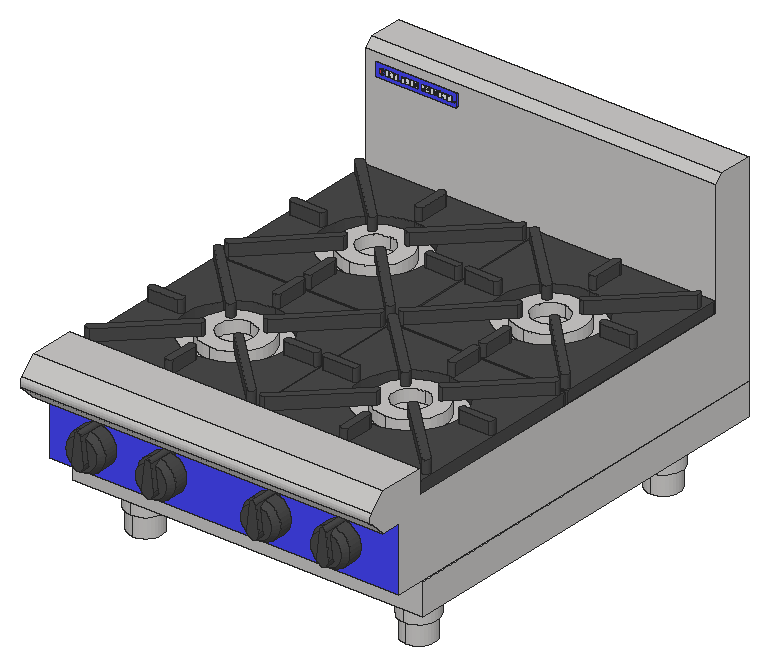
Revit family "QF_MOFFAT_BLUESEAL_CE_G514D-B", category Specialty Equipment, Revit 2012
Parameters
  Width = 600 mm  # constant formula
  Weight in Pounds = 176  # constant formula
  URL Cutsheet = "www.moffat.com"
  URL = "www.moffat.com"
  Type Mark [instance] = ""
  Status [instance] = ""
  Specification by User [instance] = ""
  Specification by Manufacturer = ""
  Show Logo [instance] = yes
  Serial Number = ""
  Seismic Rating = ""
  SMACNA No = ""
  Revision Code [instance] = ""
  Omniclass Number and Title = ""
  NAFEM Spec ID Number = ""
  Model = "G514D-B"
  Mechanical Remarks [instance] = ""
  Mechanical Connection Type [instance] = ""
  Masterspec = ""
  Manufacturer = "MOFFAT BLUESEAL"
  Item Number [instance] = ""
  Installed By [instance] = ""
  Identify Quantity as Lot [instance] = yes
  Height = 485 mm  # constant formula
  Gas Size = 3/4"
  Gas RI Height [instance] = 0 mm
  Gas KW [instance] = 28
  Gas Input [instance] = 96400.0 Btu/h
  Gas Connection Height = 0 mm
  Furnished By [instance] = ""
  Foodservice Equipment Identifier [instance] = yes
  Description = "600MM GAS COOK TOP BENCH MOUNT"
  Depth = 812 mm  # constant formula
  CSI MasterFormat = ""
  CSI Master Format = ""
Reference planes
  plane 1 "BACK": y = 0
  plane 2: z = 0
  plane 3 "LEFT": x = 0
  plane 4 "RIGHT": x = 600
  plane 5 "FRONT": y = -812
  plane 6 "TOP": z = 370
  plane 7 "Center Y": x = 300
  plane 8 "Center X": y = -406
  plane 9: z = 485
  plane 10: z = 315
  plane 11: x = 210
  plane 12: x = 390
Forms (mm)
  Revolve 1, solid, material "QF_Finishes_Stainless Steel"
    sketch origin (534.5, -728, 0) x (0, 1, 0) y (0, 0, -1)
      loop
        line (71.25, -85) -> (103, -85) -> (103, 0) -> (75.5, 0) -> (75.5, -35) -> (71.25, -35) -> (71.25, -85)
      axis (103, -85) -> (103, 0)
    angle from 0 to 360
  Revolve 2, solid, material "QF_Finishes_Stainless Steel"
    sketch origin (534.5, -210, 0) x (0, 1, 0) y (0, 0, -1)
      loop
        line (78.25, -85) -> (110, -85) -> (110, 0) -> (82.5, 0) -> (82.5, -35) -> (78.25, -35) -> (78.25, -85)
      axis (110, -85) -> (110, 0)
    angle from 0 to 360
  Revolve 3, solid, material "QF_Finishes_Stainless Steel"
    sketch origin (65.5, -728, 0) x (0, 1, 0) y (0, 0, 1)
      loop
        line (71.25, 85) -> (71.25, 35) -> (75.5, 35) -> (75.5, 0) -> (103, 0) -> (103, 85) -> (71.25, 85)
      axis (103, 85) -> (103, 0)
    angle from 0 to 360
  Revolve 4, solid, material "QF_Finishes_Stainless Steel"
    sketch origin (65.5, -210, 0) x (0, 1, 0) y (0, 0, 1)
      loop
        line (78.25, 85) -> (78.25, 35) -> (82.5, 35) -> (82.5, 0) -> (110, 0) -> (110, 85) -> (78.25, 85)
      axis (110, 85) -> (110, 0)
    angle from 0 to 360
  Revolve 5, solid, material "QF_Finishes_Black"
    sketch origin (210, 7, 0) x (0, -1, 0) y (0, 0, 1)
      loop
        line (789, 229.605) -> (766, 229.605) -> (766, 202.105) -> (756, 202.105) -> (756, 197.105) -> (800, 197.105) -> (800, 223.757) -> (789, 229.605)
      axis (800, 197.105) -> (756, 197.105)
    angle from 0 to 360
  Extrusion 6, solid, material "QF_Finishes_Stainless Steel"
    sketch origin (405, 3, -500) x (1, 0, 0) y (0, 1, 0)
      loop
        circle (65, -35) r 13.5
    from 555 to 585
  Revolve 7, solid, material "QF_Finishes_Black"
    sketch origin (89.999, 7, -0.127) x (0, 1, 0) y (0, 0, -1)
      loop
        line (-789, -229.5) -> (-766, -229.5) -> (-766, -202) -> (-756, -202) -> (-756, -197) -> (-800, -197) -> (-800, -223.651) -> (-789, -229.5)
      axis (-800, -197) -> (-756, -197)
    angle from 0 to 360
  Extrusion 8, solid, material "QF_Finishes_Black"
    sketch origin (228.269, 7, 0.031) x (-1, 0, 0) y (0, 0, -1)
      loop
        line (127.85, -186.163) -> (133.27, -229.082)
        arc (133.27, -229.082) -> (138.269, -233.969) -> (143.267, -229.082) r 5
        line (143.267, -229.082) -> (148.756, -184.996)
        arc (148.756, -184.996) -> (137.684, -174.498) -> (127.85, -186.163) r 10.487
    from 759 to 808
  Extrusion 9, solid, material "QF_Finishes_Stainless Steel"
    sketch origin (0, 0, 0) x (0, 1, 0) y (0, 0, 1)
      loop
        line (-784.97, 250) -> (-749, 250) -> (-749, 140) -> (0, 140) -> (0, 485) -> (-57.5, 485) -> (-70, 472.5) -> (-70, 275) -> (-705, 275) -> (-705, 315) -> (-783.97, 315) -> (-808.498, 290.472)
        arc (-808.498, 290.472) -> (-812.007, 282) -> (-808.498, 273.528) r 11.982
        line (-808.498, 273.528) -> (-784.97, 250)
      loop
        line (0, 85) -> (0, 139.206) -> (-699, 139.206) -> (-699, 85) -> (0, 85)
    from 0 to 600
  Revolve 10, solid, material "QF_Finishes_Black"
    sketch origin (510.001, 7, 0) x (0, -1, 0) y (0, 0, 1)
      loop
        line (789, 229.605) -> (766, 229.605) -> (766, 202.105) -> (756, 202.105) -> (756, 197.105) -> (800, 197.105) -> (800, 223.757) -> (789, 229.605)
      axis (800, 197.105) -> (756, 197.105)
    angle from 0 to 360
  Revolve 11, solid, material "QF_Finishes_Black"
    sketch origin (390, 7, -0.127) x (0, 1, 0) y (0, 0, -1)
      loop
        line (-789, -229.5) -> (-766, -229.5) -> (-766, -202) -> (-756, -202) -> (-756, -197) -> (-800, -197) -> (-800, -223.651) -> (-789, -229.5)
      axis (-800, -197) -> (-756, -197)
    angle from 0 to 360
  Extrusion 12, solid, material "QF_Finishes_Black"
    sketch origin (348.27, 7, 0.263) x (-1, 0, 0) y (0, 0, -1)
      loop
        line (127.85, -186.163) -> (133.27, -229.082)
        arc (133.27, -229.082) -> (138.269, -233.969) -> (143.267, -229.082) r 5
        line (143.267, -229.082) -> (148.756, -184.996)
        arc (148.756, -184.996) -> (137.684, -174.498) -> (127.85, -186.163) r 10.487
    from 759 to 808
  Extrusion 13, solid, material "QF_Finishes_Black"
    sketch origin (528.269, 7, 0.031) x (-1, 0, 0) y (0, 0, -1)
      loop
        line (127.85, -186.163) -> (133.27, -229.082)
        arc (133.27, -229.082) -> (138.269, -233.969) -> (143.267, -229.082) r 5
        line (143.267, -229.082) -> (148.756, -184.996)
        arc (148.756, -184.996) -> (137.684, -174.498) -> (127.85, -186.163) r 10.487
    from 759 to 808
  Extrusion 14, solid, material "QF_Finishes_Black"
    sketch origin (648.27, 7, 0.263) x (-1, 0, 0) y (0, 0, -1)
      loop
        line (127.85, -186.163) -> (133.27, -229.082)
        arc (133.27, -229.082) -> (138.269, -233.969) -> (143.267, -229.082) r 5
        line (143.267, -229.082) -> (148.756, -184.996)
        arc (148.756, -184.996) -> (137.684, -174.498) -> (127.85, -186.163) r 10.487
    from 759 to 808
Lines and regions (mm)
  Split face 1
    outline origin (0, 0, 485) x (0, -1, 0) y (1, 0, 0)
      loop
        arc (18.185, 336.013) -> (23.185, 327.353) -> (33.185, 327.353) r 10
        line (33.185, 327.353) -> (40.185, 331.394)
        arc (40.185, 331.394) -> (43.845, 335.055) -> (45.185, 340.055) r 10
        line (45.185, 340.055) -> (45.185, 568.013)
        arc (45.185, 568.013) -> (40.185, 576.674) -> (30.185, 576.674) r 10
        line (30.185, 576.674) -> (23.185, 572.632)
        arc (23.185, 572.632) -> (19.525, 568.972) -> (18.185, 563.972) r 10
        line (18.185, 563.972) -> (18.185, 336.013)
  Split face 2
    outline origin (-300, 0, 485) x (0, -1, 0) y (1, 0, 0)
      loop
        arc (18.185, 336.013) -> (23.185, 327.353) -> (33.185, 327.353) r 10
        line (33.185, 327.353) -> (40.185, 331.394)
        arc (40.185, 331.394) -> (43.845, 335.055) -> (45.185, 340.055) r 10
        line (45.185, 340.055) -> (45.185, 568.013)
        arc (45.185, 568.013) -> (40.185, 576.674) -> (30.185, 576.674) r 10
        line (30.185, 576.674) -> (23.185, 572.632)
        arc (23.185, 572.632) -> (19.525, 568.972) -> (18.185, 563.972) r 10
        line (18.185, 563.972) -> (18.185, 336.013)
  symbolic lines
    curve 1: line (0, 0, 0) -> (0, -812, 0)
    curve 2: line (600, 0, 0) -> (0, 0, 0)
    curve 3: line (600, -812, 0) -> (600, 0, 0)
    curve 4: line (0, -70, 0) -> (600, -70, 0)
    curve 5: line (0, -812, 0) -> (600, -812, 0)
    curve 6: line (600, -705, 0) -> (0, -705, 0)
    curve 7: line (36.013, -18.185, 0) -> (263.972, -18.185, 0)
    curve 8: arc (263.972, -18.185, 0) -> (268.972, -19.525, 0) -> (272.632, -23.185, 0) r 10
    curve 9: line (272.632, -23.185, 0) -> (276.674, -30.185, 0)
    curve 10: arc (276.674, -30.185, 0) -> (276.674, -40.185, 0) -> (268.013, -45.185, 0) r 10
    curve 11: line (268.013, -45.185, 0) -> (40.055, -45.185, 0)
    curve 12: arc (40.055, -45.185, 0) -> (35.055, -43.845, 0) -> (31.394, -40.185, 0) r 10
    curve 13: line (31.394, -40.185, 0) -> (27.353, -33.185, 0)
    curve 14: arc (27.353, -33.185, 0) -> (27.353, -23.185, 0) -> (36.013, -18.185, 0) r 10
    curve 15: line (336.013, -18.185, 0) -> (563.972, -18.185, 0)
    curve 16: arc (563.972, -18.185, 0) -> (568.972, -19.525, 0) -> (572.632, -23.185, 0) r 10
    curve 17: line (572.632, -23.185, 0) -> (576.674, -30.185, 0)
    curve 18: arc (576.674, -30.185, 0) -> (576.674, -40.185, 0) -> (568.013, -45.185, 0) r 10
    curve 19: line (568.013, -45.185, 0) -> (340.055, -45.185, 0)
    curve 20: arc (340.055, -45.185, 0) -> (335.055, -43.845, 0) -> (331.394, -40.185, 0) r 10
    curve 21: line (331.394, -40.185, 0) -> (327.353, -33.185, 0)
    curve 22: arc (327.353, -33.185, 0) -> (327.353, -23.185, 0) -> (336.013, -18.185, 0) r 10
Dimensions and locks
  equal spacing: plane 3 "LEFT", plane 7 "Center Y", plane 4 "RIGHT"
  "Width": plane 3 "LEFT" to plane 4 "RIGHT"
  equal spacing: plane 5 "FRONT", plane 8 "Center X", plane 1 "BACK"
  "Depth": plane 5 "FRONT" to plane 1 "BACK"
  equal spacing: plane 4 "RIGHT", plane 7 "Center Y", plane 3 "LEFT"
  plane 4 "RIGHT" to plane 3 "LEFT" = 600 mm
  Extrusion 6 to level = 55 mm
  Extrusion 6 to plane 1 "BACK" = 32 mm
  plane 5 "FRONT" to plane 1 "BACK" = 812 mm
  "Height": plane 9 to level
  plane 10 to level = 315 mm
  Extrusion 6 sketch curve to plane 1 "BACK" = 32 mm
  aligned and locked: level to plane 2
  aligned and locked: curve 3 to plane 4 "RIGHT"
Automatic sketch dimensions
  plane 1 "BACK" to curve 1 = 0 mm
  curve 1 to plane 3 "LEFT" = 0 mm
  plane 5 "FRONT" to curve 1 = 0 mm
  plane 3 "LEFT" to curve 14 = 27.353 mm
  curve 14 to curve 13 = 4.041 mm
  curve 14 to curve 14 = 8.66 mm
  curve 14 to curve 12 = 4.041 mm
  curve 8 to plane 7 "Center Y" = 36.028 mm
  curve 8 to curve 10 = 4.041 mm
  curve 7 to curve 8 = 8.66 mm
  curve 9 to curve 9 = 4.041 mm
  plane 7 "Center Y" to curve 21 = 27.353 mm
  curve 21 to curve 21 = 4.041 mm
  curve 22 to curve 22 = 8.66 mm
  curve 22 to curve 20 = 4.041 mm
  curve 16 to curve 18 = 4.041 mm
  curve 15 to curve 17 = 8.66 mm
  curve 16 to curve 17 = 4.041 mm
  curve 6 to plane 5 "FRONT" = 107 mm
  plane 1 "BACK" to curve 4 = 70 mm
  plane 1 "BACK" to curve 11 = 45.185 mm
  plane 1 "BACK" to curve 20 = 45.185 mm
  curve 12 to curve 13 = 5 mm
  curve 19 to curve 20 = 5 mm
  curve 10 to curve 10 = 10 mm
  curve 19 to curve 18 = 10 mm
  curve 20 to curve 21 = 7 mm
  curve 12 to curve 13 = 7 mm
  curve 18 to curve 16 = 7 mm
  curve 20 to curve 22 = 7 mm
  curve 10 to curve 8 = 7 mm
  curve 12 to curve 14 = 7 mm
  Revolve 1 sketch curve to level = 0 mm
  level to Revolve 1 sketch curve = 35 mm
  Revolve 1 sketch curve to plane 5 "FRONT" = 155.25 mm
  Revolve 1 sketch curve to Revolve 1 sketch curve = 4.25 mm
  Revolve 1 sketch curve to Revolve 1 sketch curve = 27.5 mm
  Revolve 1 sketch curve to Revolve 1 sketch curve = 0 mm
  Revolve 1 sketch curve to Revolve 1 sketch curve = 15 mm
  Revolve 1 sketch curve to Revolve 1 sketch curve = 35 mm
  Revolve 1 sketch curve to Revolve 1 sketch curve = 55 mm
  Revolve 2 sketch curve to level = 0 mm
  level to Revolve 2 sketch curve = 35 mm
  plane 1 "BACK" to Revolve 2 sketch curve = 131.75 mm
  Revolve 2 sketch curve to Revolve 2 sketch curve = 4.25 mm
  Revolve 2 sketch curve to Revolve 2 sketch curve = 27.5 mm  (x2)
  Revolve 2 sketch curve to Revolve 2 sketch curve = 15 mm
  Revolve 2 sketch curve to Revolve 2 sketch curve = 35 mm
  Revolve 2 sketch curve to Revolve 2 sketch curve = 55 mm
  Revolve 3 sketch curve to level = 0 mm
  level to Revolve 3 sketch curve = 35 mm
  Revolve 3 sketch curve to plane 5 "FRONT" = 155.25 mm
  Revolve 3 sketch curve to Revolve 3 sketch curve = 4.25 mm
  Revolve 3 sketch curve to Revolve 3 sketch curve = 27.5 mm  (x2)
  Revolve 3 sketch curve to Revolve 3 sketch curve = 55 mm
  Revolve 3 sketch curve to Revolve 3 sketch curve = 15 mm
  Revolve 3 sketch curve to Revolve 3 sketch curve = 35 mm
  Revolve 4 sketch curve to level = 0 mm
  level to Revolve 4 sketch curve = 35 mm
  plane 1 "BACK" to Revolve 4 sketch curve = 131.75 mm
  Revolve 4 sketch curve to Revolve 4 sketch curve = 4.25 mm
  Revolve 4 sketch curve to Revolve 4 sketch curve = 27.5 mm  (x2)
  Revolve 4 sketch curve to Revolve 4 sketch curve = 55 mm
  Revolve 4 sketch curve to Revolve 4 sketch curve = 15 mm
  Revolve 4 sketch curve to Revolve 4 sketch curve = 35 mm
  Revolve 5 sketch curve to plane 5 "FRONT" = 63 mm
  Revolve 5 sketch curve to Revolve 5 sketch curve = 10 mm
  Revolve 5 sketch curve to Revolve 5 sketch curve = 21.3 mm
  Revolve 5 sketch curve to Revolve 5 sketch curve = 23 mm
  Revolve 5 sketch curve to Revolve 5 sketch curve = 12.7 mm
  Revolve 5 sketch curve to Revolve 5 sketch curve = 0 mm  (x2)
  Revolve 5 sketch curve to plane 10 = 117.895 mm
  Revolve 5 sketch curve to Revolve 5 sketch curve = 5 mm
  Revolve 5 sketch curve to Revolve 5 sketch curve = 26.651 mm
  Revolve 5 sketch curve to Revolve 5 sketch curve = 5.849 mm
  Revolve 7 sketch curve to plane 5 "FRONT" = 19 mm
  Revolve 7 sketch curve to Revolve 7 sketch curve = 0 mm  (x2)
  Revolve 7 sketch curve to Revolve 7 sketch curve = 11 mm
  Revolve 7 sketch curve to Revolve 7 sketch curve = 12.7 mm
  Revolve 7 sketch curve to Revolve 7 sketch curve = 23 mm
  Revolve 7 sketch curve to Revolve 7 sketch curve = 10 mm
  Revolve 7 sketch curve to plane 10 = 85.627 mm
  Revolve 7 sketch curve to Revolve 7 sketch curve = 5.849 mm
  Revolve 7 sketch curve to Revolve 7 sketch curve = 27.5 mm
  Revolve 7 sketch curve to Revolve 7 sketch curve = 5 mm
  Extrusion 8 sketch curve to Extrusion 8 sketch curve = 10.419 mm
  Extrusion 8 sketch curve to Extrusion 8 sketch curve = 4.999 mm  (x2)
  Extrusion 8 sketch curve to Extrusion 8 sketch curve = 10.487 mm
  Extrusion 8 sketch curve to plane 10 = 85.887 mm
  Extrusion 8 sketch curve to Extrusion 8 sketch curve = 0.113 mm
  Extrusion 8 sketch curve to Extrusion 8 sketch curve = 42.919 mm
  Extrusion 8 sketch curve to Extrusion 8 sketch curve = 1.167 mm
  Extrusion 9 sketch curve to plane 10 = 0 mm
  plane 9 to Extrusion 9 sketch curve = 0 mm
  Extrusion 9 sketch curve to plane 1 "BACK" = 0 mm  (x2)
  plane 1 "BACK" to Extrusion 9 sketch curve = 57.5 mm
  plane 9 to Extrusion 9 sketch curve = 12.5 mm
  Extrusion 9 sketch curve to Extrusion 9 sketch curve = 12.5 mm
  Extrusion 9 sketch curve to plane 5 "FRONT" = 113 mm
  Extrusion 9 sketch curve to plane 5 "FRONT" = 107 mm
  Extrusion 9 sketch curve to Extrusion 9 sketch curve = 50 mm
  Extrusion 9 sketch curve to plane 5 "FRONT" = 28.03 mm
  Extrusion 9 sketch curve to plane 5 "FRONT" = 27.03 mm
  Extrusion 9 sketch curve to plane 5 "FRONT" = 11.975 mm
  Extrusion 9 sketch curve to plane 5 "FRONT" = 3.502 mm  (x2)
  Extrusion 9 sketch curve to plane 10 = 24.528 mm
  Extrusion 9 sketch curve to Extrusion 9 sketch curve = 8.472 mm
  Extrusion 9 sketch curve to Extrusion 9 sketch curve = 40 mm
  Extrusion 9 sketch curve to Extrusion 9 sketch curve = 23.528 mm
  Extrusion 9 sketch curve to Extrusion 9 sketch curve = 110 mm
  Extrusion 9 sketch curve to Extrusion 9 sketch curve = 0.794 mm
  Extrusion 9 sketch curve to Extrusion 9 sketch curve = 54.206 mm
  Split face 1 sketch curve to Extrusion 9 = 18.185 mm
  Split face 1 sketch curve to Split face 1 sketch curve = 5 mm  (x2)
  Split face 1 sketch curve to Split face 1 sketch curve = 10 mm  (x3)
  Split face 1 sketch curve to Split face 1 sketch curve = 7 mm  (x4)
  Split face 1 sketch curve to Extrusion 9 = 272.647 mm
  Split face 1 sketch curve to Split face 1 sketch curve = 4.041 mm  (x2)
  Split face 1 sketch curve to Extrusion 9 = 36.028 mm
  Split face 2 sketch curve to Extrusion 9 = 18.185 mm
  Split face 2 sketch curve to Split face 2 sketch curve = 5 mm  (x2)
  Split face 2 sketch curve to Split face 2 sketch curve = 10 mm  (x3)
  Split face 2 sketch curve to Split face 2 sketch curve = 7 mm  (x4)
  Split face 2 sketch curve to Extrusion 9 = 27.353 mm
  Split face 2 sketch curve to Split face 2 sketch curve = 4.041 mm  (x2)
  Split face 2 sketch curve to Split face 2 sketch curve = 223.917 mm
  Revolve 10 sketch curve to plane 5 "FRONT" = 63 mm
  Revolve 10 sketch curve to Revolve 10 sketch curve = 10 mm
  Revolve 10 sketch curve to Revolve 10 sketch curve = 21.3 mm
  Revolve 10 sketch curve to Revolve 10 sketch curve = 23 mm
  Revolve 10 sketch curve to Revolve 10 sketch curve = 12.7 mm
  Revolve 10 sketch curve to Revolve 10 sketch curve = 0 mm  (x2)
  Revolve 10 sketch curve to plane 10 = 117.895 mm
  Revolve 10 sketch curve to Revolve 10 sketch curve = 5 mm
  Revolve 10 sketch curve to Revolve 10 sketch curve = 26.651 mm
  Revolve 10 sketch curve to Revolve 10 sketch curve = 5.849 mm
  Revolve 11 sketch curve to plane 5 "FRONT" = 19 mm
  Revolve 11 sketch curve to Revolve 11 sketch curve = 0 mm  (x2)
  Revolve 11 sketch curve to Revolve 11 sketch curve = 11 mm
  Revolve 11 sketch curve to Revolve 11 sketch curve = 12.7 mm
  Revolve 11 sketch curve to Revolve 11 sketch curve = 23 mm
  Revolve 11 sketch curve to Revolve 11 sketch curve = 10 mm
  Revolve 11 sketch curve to plane 10 = 85.627 mm
  Revolve 11 sketch curve to Revolve 11 sketch curve = 5.849 mm
  Revolve 11 sketch curve to Revolve 11 sketch curve = 27.5 mm
  Revolve 11 sketch curve to Revolve 11 sketch curve = 5 mm
  plane 11 to Extrusion 12 sketch curve = 10.42 mm
  plane 11 to Extrusion 12 sketch curve = 4.999 mm
  plane 11 to Extrusion 12 sketch curve = 0.001 mm  (x2)
  Extrusion 12 sketch curve to plane 11 = 4.998 mm
  Extrusion 12 sketch curve to plane 11 = 10.487 mm
  Extrusion 12 sketch curve to plane 10 = 85.655 mm
  Extrusion 12 sketch curve to Extrusion 12 sketch curve = 0.113 mm
  Extrusion 12 sketch curve to Extrusion 12 sketch curve = 42.919 mm
  Extrusion 12 sketch curve to Extrusion 12 sketch curve = 1.167 mm
  Extrusion 13 sketch curve to plane 12 = 10.42 mm
  Extrusion 13 sketch curve to plane 12 = 4.999 mm
  Extrusion 13 sketch curve to plane 12 = 0.001 mm  (x2)
  plane 12 to Extrusion 13 sketch curve = 4.998 mm
  plane 12 to Extrusion 13 sketch curve = 10.487 mm
  Extrusion 13 sketch curve to plane 10 = 85.887 mm
  Extrusion 13 sketch curve to Extrusion 13 sketch curve = 0.113 mm
  Extrusion 13 sketch curve to Extrusion 13 sketch curve = 42.919 mm
  Extrusion 13 sketch curve to Extrusion 13 sketch curve = 1.167 mm
  Extrusion 14 sketch curve to Extrusion 14 sketch curve = 10.419 mm
  Extrusion 14 sketch curve to Extrusion 14 sketch curve = 4.999 mm  (x2)
  Extrusion 14 sketch curve to Extrusion 14 sketch curve = 10.487 mm
  Extrusion 14 sketch curve to plane 10 = 85.655 mm
  Extrusion 14 sketch curve to Extrusion 14 sketch curve = 0.113 mm
  Extrusion 14 sketch curve to Extrusion 14 sketch curve = 42.919 mm
  Extrusion 14 sketch curve to Extrusion 14 sketch curve = 1.167 mm
  plane 3 "LEFT" to Extrusion 8 sketch curve = 100.419 mm
  Extrusion 8 sketch curve to Extrusion 8 sketch curve = 5.421 mm
  plane 4 "RIGHT" to curve 16 = 36.028 mm
  Extrusion 6 sketch curve to plane 12 = 80 mm
  plane 4 "RIGHT" to Extrusion 14 sketch curve = 79.579 mm
  Extrusion 14 sketch curve to Extrusion 14 sketch curve = 5.421 mm
  radius of Extrusion 6 sketch curve = 13.5 mm
Nested families
  nested 1: "WALDORF LOGO_FACE BASE" at (18.6, -70, 458.604) x (1, 0, 0) z (0, -1, 0), visible <- "Show Logo", type "WALDORF LOGO_FACE BASE", detail levels medium+fine
    with Show Logo yes
  nested 2: "GAS BURNER 600" at (0, -70, 275), type "GAS BURNER 600"
    with Width 600 mm, Type Mark "", Status "", Specification by User "", Revision Code "", Item Number "", Installed By "", Identify Quantity as Lot yes, Furnished By "", Foodservice Equipment Identifier yes, Depth 635 mm
Connectors
  piping at (470, -32, 55)
    settings: on Extrusion 6, index 1, connector radius 0.37402", flow factor 0, pipe flow 0 GPM, pressure drop 0.00 psi, fitting loss kfactor 0, connector angle 0.00°, fixture units 0, engagement length 0 mm, flow configuration 1, flow direction 1, fitting loss method 0, system type 7, joint type 0, gender type 0, connector reference index -1, connector utility 0, adjustable connector no, is connector primary yes, fitting loss table "", connector description "GAS CONNECTION"
Definition of nested family "WALDORF LOGO_FACE BASE"
  Parameters (values of type "WALDORF LOGO_FACE BASE")
    Show Logo [instance] = yes
    Default Elevation = 1219.2 mm
  Reference planes
    plane 1 "Center (Front/Back)": y = 0
    plane 2: z = 0
    plane 3 "Center (Left/Right)": x = 0
  Forms (mm)
    Extrusion 1, solid
      sketch origin (0, 0, 0) x (1, 0, 0) y (0, 1, 0)
        loop
          line (-1219.2, 1219.2) -> (-1219.2, -1219.2) -> (1219.2, -1219.2) -> (1219.2, 1219.2) -> (-1219.2, 1219.2)
      from 0 to -304.8
    Extrusion 2, solid, material "QF_Finishes_Blue", visible <- "Show Logo"
      sketch origin (0, -33.217, 0) x (1, 0, 0) y (0, 1, 0)
        loop
          arc (138, 31.942) -> (137.626, 32.844) -> (136.724, 33.217) r 1.276
          line (136.724, 33.217) -> (1.29, 33.217)
          arc (1.29, 33.217) -> (0.378, 32.839) -> (0, 31.927) r 1.29
          line (0, 31.927) -> (0, 11.507)
          arc (0, 11.507) -> (0.378, 10.595) -> (1.29, 10.217) r 1.29
          line (1.29, 10.217) -> (136.71, 10.217)
          arc (136.71, 10.217) -> (137.622, 10.595) -> (138, 11.507) r 1.29
          line (138, 11.507) -> (138, 31.942)
      from 0 to 1.588
    Extrusion 3, solid, material "QF_Finishes_White", visible <- "Show Logo"
      sketch origin (0, -33.217, 1.588) x (1, 0, 0) y (0, 1, 0)
        loop
          arc (108.946, 25.919) -> (107.613, 25.367) -> (107.061, 24.034) r 1.885
          line (107.061, 24.034) -> (107.061, 17.211) -> (112.704, 17.211) -> (112.704, 19.129) -> (115.546, 19.129) -> (115.546, 17.211) -> (121.584, 17.211) -> (121.584, 24.075)
          arc (121.584, 24.075) -> (121.043, 25.379) -> (119.739, 25.919) r 1.845
          line (119.739, 25.919) -> (108.946, 25.919)
        loop
          line (123.478, 25.919) -> (123.478, 17.163) -> (134.904, 17.163) -> (134.904, 19.129) -> (129.246, 19.129) -> (129.246, 25.919) -> (123.478, 25.919)
        loop
          line (112.704, 21.258) -> (115.546, 21.258) -> (115.546, 22.702)
          arc (115.546, 22.702) -> (115.344, 23.188) -> (114.858, 23.389) r 0.687
          line (114.858, 23.389) -> (113.363, 23.389)
          arc (113.363, 23.389) -> (112.897, 23.196) -> (112.704, 22.73) r 0.658
          line (112.704, 22.73) -> (112.704, 21.258)
        loop
          line (105.071, 25.919) -> (93.771, 25.919) -> (93.771, 17.163) -> (105.071, 17.163) -> (105.071, 19.063) -> (99.535, 19.063) -> (99.535, 20.437) -> (105.071, 20.437) -> (105.071, 22.278) -> (99.535, 22.278) -> (99.535, 23.587) -> (105.071, 23.587) -> (105.071, 25.919)
        loop
          line (91.104, 25.919) -> (79.541, 25.919)
          arc (79.541, 25.919) -> (78.558, 25.513) -> (78.152, 24.53) r 1.389
          line (78.152, 24.53) -> (78.152, 22.08)
          arc (78.152, 22.08) -> (78.558, 21.098) -> (79.541, 20.691) r 1.389
          line (79.541, 20.691) -> (86.346, 20.691) -> (86.346, 18.864) -> (83.266, 18.864) -> (83.266, 19.664) -> (78.152, 19.664) -> (78.152, 18.553)
          arc (78.152, 18.553) -> (78.558, 17.57) -> (79.541, 17.163) r 1.389
          line (79.541, 17.163) -> (91.063, 17.163)
          arc (91.063, 17.163) -> (92.045, 17.57) -> (92.452, 18.553) r 1.389
          line (92.452, 18.553) -> (92.452, 20.691)
          arc (92.452, 20.691) -> (92.045, 21.673) -> (91.063, 22.08) r 1.389
          line (91.063, 22.08) -> (83.266, 22.08) -> (83.266, 23.984) -> (86.346, 23.984) -> (86.346, 22.743) -> (92.452, 22.743) -> (92.452, 24.571)
          arc (92.452, 24.571) -> (92.057, 25.524) -> (91.104, 25.919) r 1.348
        loop
          line (70.705, 25.919) -> (59.405, 25.919) -> (59.405, 17.163) -> (70.705, 17.163) -> (70.705, 19.063) -> (65.169, 19.063) -> (65.169, 20.437) -> (70.705, 20.437) -> (70.705, 22.278) -> (65.169, 22.278) -> (65.169, 23.587) -> (70.705, 23.587) -> (70.705, 25.919)
        loop
          line (57.598, 25.919) -> (51.7, 25.919) -> (51.7, 20.18)
          arc (51.7, 20.18) -> (50.63, 19.11) -> (49.56, 20.18) r 1.07
          line (49.56, 20.18) -> (49.56, 25.919) -> (43.663, 25.919) -> (43.663, 19.049)
          arc (43.663, 19.049) -> (44.215, 17.716) -> (45.548, 17.163) r 1.885
          line (45.548, 17.163) -> (55.71, 17.163)
          arc (55.71, 17.163) -> (57.045, 17.716) -> (57.598, 19.051) r 1.887
          line (57.598, 19.051) -> (57.598, 25.919)
        loop
          line (31.62, 25.919) -> (31.62, 17.163) -> (43.046, 17.163) -> (43.046, 19.129) -> (37.388, 19.129) -> (37.388, 25.919) -> (31.62, 25.919)
        loop
          line (15.969, 25.919) -> (15.969, 17.163) -> (28.693, 17.163)
          arc (28.693, 17.163) -> (29.812, 17.627) -> (30.276, 18.746) r 1.582
          line (30.276, 18.746) -> (30.276, 20.447) -> (29.48, 21.243) -> (30.276, 22.039) -> (30.276, 24.332)
          arc (30.276, 24.332) -> (29.811, 25.454) -> (28.688, 25.919) r 1.587
          line (28.688, 25.919) -> (15.969, 25.919)
        loop
          line (21.449, 24.159) -> (21.449, 22.436) -> (23.862, 22.436)
          arc (23.862, 22.436) -> (24.723, 23.298) -> (23.862, 24.159) r 0.861
          line (23.862, 24.159) -> (21.449, 24.159)
        loop
          line (21.449, 20.244) -> (21.449, 18.522) -> (23.862, 18.522)
          arc (23.862, 18.522) -> (24.723, 19.383) -> (23.862, 20.244) r 0.861
          line (23.862, 20.244) -> (21.449, 20.244)
      from 0 to 0.2
    Extrusion 4, solid, material "QF_Finishes_Blue", visible <- "Show Logo"
      sketch origin (-126.498, -31.09, 1.588) x (1, 0, 0) y (0, 1, 0)
        loop
          line (136.738, 23.522) -> (136.738, 15.1)
          arc (136.738, 15.1) -> (140.756, 19.311) -> (136.738, 23.522) r 4.216
      from 0 to 0.2
    Extrusion 5, solid, material "QF_Finishes_Red", visible <- "Show Logo"
      sketch origin (146.849, -31.09, 1.588) x (-1, 0, 0) y (0, -1, 0)
        loop
          arc (136.738, -23.522) -> (140.756, -19.311) -> (136.738, -15.1) r 4.216
          line (136.738, -15.1) -> (136.738, -23.522)
      from 0 to 0.2
  Lines and regions (mm)
    Split face 1
      outline origin (-90.35, -30.793, 1.588) x (1, 0, 0) y (0, 1, 0)
        loop
          circle (100.54, 19.013) r 4.536
  Dimensions and locks
    aligned and locked: plane 2 to Extrusion 1
    aligned and locked: level to Extrusion 1
Definition of nested family "GAS BURNER 600"
  Parameters (values of type "GAS BURNER 600")
    Width [instance] = 600 mm
    Weight in Pounds = 0
    URL Cutsheet = ""
    Type Mark [instance] = ""
    Status [instance] = ""
    Specification by User [instance] = ""
    Specification by Manufacturer = ""
    Serial Number = ""
    Seismic Rating = ""
    SMACNA No = ""
    Revision Code [instance] = ""
    Omniclass Number and Title = ""
    NAFEM Spec ID Number = ""
    Masterspec = ""
    Item Number [instance] = ""
    Installed By [instance] = ""
    Identify Quantity as Lot [instance] = yes
    Furnished By [instance] = ""
    Foodservice Equipment Identifier [instance] = yes
    Depth [instance] = 635 mm
    CSI MasterFormat = ""
    CSI Master Format = ""
  Reference planes
    plane 1 "BACK": y = 0
    plane 2: z = 0
    plane 3 "LEFT": x = 0
    plane 4 "RIGHT": x = 600
    plane 5 "FRONT": y = -635
    plane 6 "TOP": z = 142.5
    plane 7 "Center Y": x = 300
    plane 8 "Center X": y = -317.5
  Forms (mm)
    Extrusion 1, solid, material "QF_Finishes_Black"
      sketch origin (0, 0, 0) x (0, -1, 0) y (1, 0, 0)
        loop
          line (318.5, 4) -> (318.5, 296)
          arc (318.5, 296) -> (317.621, 298.121) -> (315.5, 299) r 3
          line (315.5, 299) -> (3, 299)
          arc (3, 299) -> (0.879, 298.121) -> (0, 296) r 3
          line (0, 296) -> (0, 4)
          arc (0, 4) -> (0.879, 1.879) -> (3, 1) r 3
          line (3, 1) -> (315.5, 1)
          arc (315.5, 1) -> (317.621, 1.879) -> (318.5, 4) r 3
        loop
          line (324.5, 1) -> (632, 1)
          arc (632, 1) -> (634.121, 1.879) -> (635, 4) r 3
          line (635, 4) -> (635, 296)
          arc (635, 296) -> (634.121, 298.121) -> (632, 299) r 3
          line (632, 299) -> (324.5, 299)
          arc (324.5, 299) -> (322.379, 298.121) -> (321.5, 296) r 3
          line (321.5, 296) -> (321.5, 4)
          arc (321.5, 4) -> (322.379, 1.879) -> (324.5, 1) r 3
        loop
          circle (168.5, 149.991) r 84.082
        loop
          circle (468.5, 149.991) r 84.082
      from 0 to 19.5
    Extrusion 2, solid, material "QF_Finishes_Black"
      sketch origin (0, 0, 19.5) x (0, -1, 0) y (1, 0, 0)
        loop
          spline (326.102, 15.153) -> (325.181, 13.924) -> (324.631, 12.47) -> (324.49, 10.89) -> (324.767, 9.292) -> (325.443, 7.786) -> (326.473, 6.473) -> (327.786, 5.443) -> (329.292, 4.767) -> (330.89, 4.49) -> (332.47, 4.631) -> (333.924, 5.181) -> (335.153, 6.102)
          line (335.153, 6.102) -> (443.076, 114.025)
          spline (443.076, 114.025) -> (443.837, 115.095) -> (444.238, 116.399) -> (444.251, 117.851) -> (443.875, 119.35) -> (443.137, 120.795) -> (442.086, 122.086) -> (440.795, 123.137) -> (439.35, 123.875) -> (437.851, 124.251) -> (436.399, 124.238) -> (435.095, 123.837) -> (434.025, 123.076)
          line (434.025, 123.076) -> (326.102, 15.153)
        loop
          spline (328.898, 156.4) -> (327.604, 156.182) -> (326.398, 155.543) -> (325.362, 154.525) -> (324.568, 153.2) -> (324.068, 151.656) -> (323.898, 150) -> (324.068, 148.344) -> (324.568, 146.8) -> (325.362, 145.475) -> (326.398, 144.457) -> (327.604, 143.818) -> (328.898, 143.6)
          line (328.898, 143.6) -> (378.102, 143.6)
          spline (378.102, 143.6) -> (379.396, 143.818) -> (380.602, 144.457) -> (381.638, 145.475) -> (382.432, 146.8) -> (382.932, 148.344) -> (383.102, 150) -> (382.932, 151.656) -> (382.432, 153.2) -> (381.638, 154.525) -> (380.602, 155.543) -> (379.396, 156.182) -> (378.102, 156.4)
          line (378.102, 156.4) -> (328.898, 156.4)
        loop
          spline (335.153, 293.898) -> (334.084, 294.659) -> (332.779, 295.059) -> (331.328, 295.072) -> (329.829, 294.697) -> (328.384, 293.959) -> (327.092, 292.908) -> (326.041, 291.616) -> (325.303, 290.171) -> (324.928, 288.672) -> (324.941, 287.221) -> (325.341, 285.916) -> (326.102, 284.847)
          line (326.102, 284.847) -> (434.025, 176.924)
          spline (434.025, 176.924) -> (435.095, 176.163) -> (436.399, 175.762) -> (437.851, 175.749) -> (439.35, 176.125) -> (440.795, 176.863) -> (442.086, 177.914) -> (443.137, 179.205) -> (443.875, 180.65) -> (444.251, 182.149) -> (444.238, 183.601) -> (443.837, 184.905) -> (443.076, 185.975)
          line (443.076, 185.975) -> (335.153, 293.898)
        loop
          line (463.6, 291.102) -> (463.6, 241.898)
          spline (463.6, 241.898) -> (463.818, 240.604) -> (464.457, 239.398) -> (465.475, 238.362) -> (466.8, 237.568) -> (468.344, 237.068) -> (470, 236.898) -> (471.656, 237.068) -> (473.2, 237.568) -> (474.525, 238.362) -> (475.543, 239.398) -> (476.182, 240.604) -> (476.4, 241.898)
          line (476.4, 241.898) -> (476.4, 291.102)
          spline (476.4, 291.102) -> (476.182, 292.396) -> (475.543, 293.602) -> (474.525, 294.638) -> (473.2, 295.432) -> (471.656, 295.932) -> (470, 296.102) -> (468.344, 295.932) -> (466.8, 295.432) -> (465.475, 294.638) -> (464.457, 293.602) -> (463.818, 292.396) -> (463.6, 291.102)
        loop
          spline (612.398, 284.847) -> (613.159, 285.916) -> (613.559, 287.221) -> (613.572, 288.672) -> (613.197, 290.171) -> (612.459, 291.616) -> (611.408, 292.908) -> (610.116, 293.959) -> (608.671, 294.697) -> (607.172, 295.072) -> (605.721, 295.059) -> (604.416, 294.659) -> (603.347, 293.898)
          line (603.347, 293.898) -> (496.924, 185.975)
          spline (496.924, 185.975) -> (496.163, 184.905) -> (495.762, 183.601) -> (495.749, 182.149) -> (496.125, 180.65) -> (496.863, 179.205) -> (497.914, 177.914) -> (499.205, 176.863) -> (500.65, 176.125) -> (502.149, 175.749) -> (503.601, 175.762) -> (504.905, 176.163) -> (505.975, 176.924)
          line (505.975, 176.924) -> (612.398, 284.847)
        loop
          spline (609.602, 143.6) -> (610.896, 143.818) -> (612.102, 144.457) -> (613.138, 145.475) -> (613.932, 146.8) -> (614.432, 148.344) -> (614.602, 150) -> (614.432, 151.656) -> (613.932, 153.2) -> (613.138, 154.525) -> (612.102, 155.543) -> (610.896, 156.182) -> (609.602, 156.4)
          line (609.602, 156.4) -> (561.898, 156.4)
          spline (561.898, 156.4) -> (560.604, 156.182) -> (559.398, 155.543) -> (558.362, 154.525) -> (557.568, 153.2) -> (557.068, 151.656) -> (556.898, 150) -> (557.068, 148.344) -> (557.568, 146.8) -> (558.362, 145.475) -> (559.398, 144.457) -> (560.604, 143.818) -> (561.898, 143.6)
          line (561.898, 143.6) -> (609.602, 143.6)
        loop
          line (612.398, 15.153) -> (505.975, 123.076)
          spline (505.975, 123.076) -> (504.905, 123.837) -> (503.601, 124.238) -> (502.149, 124.251) -> (500.65, 123.875) -> (499.205, 123.137) -> (497.914, 122.086) -> (496.863, 120.795) -> (496.125, 119.35) -> (495.749, 117.851) -> (495.762, 116.399) -> (496.163, 115.095) -> (496.924, 114.025)
          line (496.924, 114.025) -> (603.347, 6.102)
          spline (603.347, 6.102) -> (604.416, 5.341) -> (605.721, 4.941) -> (607.172, 4.928) -> (608.671, 5.303) -> (610.116, 6.041) -> (611.408, 7.092) -> (612.459, 8.384) -> (613.197, 9.829) -> (613.572, 11.328) -> (613.559, 12.779) -> (613.159, 14.084) -> (612.398, 15.153)
        loop
          line (476.4, 8.898) -> (476.4, 58.102)
          spline (476.4, 58.102) -> (476.182, 59.396) -> (475.543, 60.602) -> (474.525, 61.638) -> (473.2, 62.432) -> (471.656, 62.932) -> (470, 63.102) -> (468.344, 62.932) -> (466.8, 62.432) -> (465.475, 61.638) -> (464.457, 60.602) -> (463.818, 59.396) -> (463.6, 58.102)
          line (463.6, 58.102) -> (463.6, 8.898)
          spline (463.6, 8.898) -> (463.818, 7.604) -> (464.457, 6.398) -> (465.475, 5.362) -> (466.8, 4.568) -> (468.344, 4.068) -> (470, 3.898) -> (471.656, 4.068) -> (473.2, 4.568) -> (474.525, 5.362) -> (475.543, 6.398) -> (476.182, 7.604) -> (476.4, 8.898)
        loop
          spline (22.602, 15.153) -> (21.681, 13.924) -> (21.131, 12.47) -> (20.99, 10.89) -> (21.267, 9.292) -> (21.943, 7.786) -> (22.973, 6.473) -> (24.286, 5.443) -> (25.792, 4.767) -> (27.39, 4.49) -> (28.97, 4.631) -> (30.424, 5.181) -> (31.653, 6.102)
          line (31.653, 6.102) -> (139.576, 114.025)
          spline (139.576, 114.025) -> (140.337, 115.095) -> (140.738, 116.399) -> (140.751, 117.851) -> (140.375, 119.35) -> (139.637, 120.795) -> (138.586, 122.086) -> (137.295, 123.137) -> (135.85, 123.875) -> (134.351, 124.251) -> (132.899, 124.238) -> (131.595, 123.837) -> (130.525, 123.076)
          line (130.525, 123.076) -> (22.602, 15.153)
        loop
          spline (25.398, 156.4) -> (24.104, 156.182) -> (22.898, 155.543) -> (21.862, 154.525) -> (21.068, 153.2) -> (20.568, 151.656) -> (20.398, 150) -> (20.568, 148.344) -> (21.068, 146.8) -> (21.862, 145.475) -> (22.898, 144.457) -> (24.104, 143.818) -> (25.398, 143.6)
          line (25.398, 143.6) -> (74.602, 143.6)
          spline (74.602, 143.6) -> (75.896, 143.818) -> (77.102, 144.457) -> (78.138, 145.475) -> (78.932, 146.8) -> (79.432, 148.344) -> (79.602, 150) -> (79.432, 151.656) -> (78.932, 153.2) -> (78.138, 154.525) -> (77.102, 155.543) -> (75.896, 156.182) -> (74.602, 156.4)
          line (74.602, 156.4) -> (25.398, 156.4)
        loop
          spline (31.653, 293.898) -> (30.584, 294.659) -> (29.279, 295.059) -> (27.828, 295.072) -> (26.329, 294.697) -> (24.884, 293.959) -> (23.592, 292.908) -> (22.541, 291.616) -> (21.803, 290.171) -> (21.428, 288.672) -> (21.441, 287.221) -> (21.841, 285.916) -> (22.602, 284.847)
          line (22.602, 284.847) -> (130.525, 176.924)
          spline (130.525, 176.924) -> (131.595, 176.163) -> (132.899, 175.762) -> (134.351, 175.749) -> (135.85, 176.125) -> (137.295, 176.863) -> (138.586, 177.914) -> (139.637, 179.205) -> (140.375, 180.65) -> (140.751, 182.149) -> (140.738, 183.601) -> (140.337, 184.905) -> (139.576, 185.975)
          line (139.576, 185.975) -> (31.653, 293.898)
        loop
          line (160.1, 291.102) -> (160.1, 241.898)
          spline (160.1, 241.898) -> (160.318, 240.604) -> (160.957, 239.398) -> (161.975, 238.362) -> (163.3, 237.568) -> (164.844, 237.068) -> (166.5, 236.898) -> (168.156, 237.068) -> (169.7, 237.568) -> (171.025, 238.362) -> (172.043, 239.398) -> (172.682, 240.604) -> (172.9, 241.898)
          line (172.9, 241.898) -> (172.9, 291.102)
          spline (172.9, 291.102) -> (172.682, 292.396) -> (172.043, 293.602) -> (171.025, 294.638) -> (169.7, 295.432) -> (168.156, 295.932) -> (166.5, 296.102) -> (164.844, 295.932) -> (163.3, 295.432) -> (161.975, 294.638) -> (160.957, 293.602) -> (160.318, 292.396) -> (160.1, 291.102)
        loop
          spline (313.898, 284.847) -> (314.659, 285.916) -> (315.059, 287.221) -> (315.072, 288.672) -> (314.697, 290.171) -> (313.959, 291.616) -> (312.908, 292.908) -> (311.616, 293.959) -> (310.171, 294.697) -> (308.672, 295.072) -> (307.221, 295.059) -> (305.916, 294.659) -> (304.847, 293.898)
          line (304.847, 293.898) -> (193.424, 185.975)
          spline (193.424, 185.975) -> (192.663, 184.905) -> (192.262, 183.601) -> (192.249, 182.149) -> (192.625, 180.65) -> (193.363, 179.205) -> (194.414, 177.914) -> (195.705, 176.863) -> (197.15, 176.125) -> (198.649, 175.749) -> (200.101, 175.762) -> (201.405, 176.163) -> (202.475, 176.924)
          line (202.475, 176.924) -> (313.898, 284.847)
        loop
          spline (311.102, 143.6) -> (312.396, 143.818) -> (313.602, 144.457) -> (314.638, 145.475) -> (315.432, 146.8) -> (315.932, 148.344) -> (316.102, 150) -> (315.932, 151.656) -> (315.432, 153.2) -> (314.638, 154.525) -> (313.602, 155.543) -> (312.396, 156.182) -> (311.102, 156.4)
          line (311.102, 156.4) -> (261.898, 156.4)
          spline (261.898, 156.4) -> (260.604, 156.182) -> (259.398, 155.543) -> (258.362, 154.525) -> (257.568, 153.2) -> (257.068, 151.656) -> (256.898, 150) -> (257.068, 148.344) -> (257.568, 146.8) -> (258.362, 145.475) -> (259.398, 144.457) -> (260.604, 143.818) -> (261.898, 143.6)
          line (261.898, 143.6) -> (311.102, 143.6)
        loop
          line (313.898, 15.153) -> (202.475, 123.076)
          spline (202.475, 123.076) -> (201.405, 123.837) -> (200.101, 124.238) -> (198.649, 124.251) -> (197.15, 123.875) -> (195.705, 123.137) -> (194.414, 122.086) -> (193.363, 120.795) -> (192.625, 119.35) -> (192.249, 117.851) -> (192.262, 116.399) -> (192.663, 115.095) -> (193.424, 114.025)
          line (193.424, 114.025) -> (304.847, 6.102)
          spline (304.847, 6.102) -> (305.916, 5.341) -> (307.221, 4.941) -> (308.672, 4.928) -> (310.171, 5.303) -> (311.616, 6.041) -> (312.908, 7.092) -> (313.959, 8.384) -> (314.697, 9.829) -> (315.072, 11.328) -> (315.059, 12.779) -> (314.659, 14.084) -> (313.898, 15.153)
        loop
          line (172.9, 8.898) -> (172.9, 58.102)
          spline (172.9, 58.102) -> (172.682, 59.396) -> (172.043, 60.602) -> (171.025, 61.638) -> (169.7, 62.432) -> (168.156, 62.932) -> (166.5, 63.102) -> (164.844, 62.932) -> (163.3, 62.432) -> (161.975, 61.638) -> (160.957, 60.602) -> (160.318, 59.396) -> (160.1, 58.102)
          line (160.1, 58.102) -> (160.1, 8.898)
          spline (160.1, 8.898) -> (160.318, 7.604) -> (160.957, 6.398) -> (161.975, 5.362) -> (163.3, 4.568) -> (164.844, 4.068) -> (166.5, 3.898) -> (168.156, 4.068) -> (169.7, 4.568) -> (171.025, 5.362) -> (172.043, 6.398) -> (172.682, 7.604) -> (172.9, 8.898)
      from 0 to 20.5
    Extrusion 3, solid, material "QF_Finishes_Stainless Steel"
      sketch origin (0, -15.098, 0) x (0, -1, 0) y (1, 0, 0)
        loop
          circle (151.402, 150) r 57
        loop
          circle (451.402, 150) r 57
        loop
          circle (151.402, 150) r 30
        loop
          circle (451.402, 150) r 30
      from 0 to 20
    Extrusion 4, solid, material "QF_Finishes_Black"
      sketch origin (600, 0, 0) x (0, -1, 0) y (1, 0, 0)
        loop
          arc (318.5, -4) -> (317.621, -1.879) -> (315.5, -1) r 3
          line (315.5, -1) -> (3, -1)
          arc (3, -1) -> (0.879, -1.879) -> (0, -4) r 3
          line (0, -4) -> (0, -296)
          arc (0, -296) -> (0.879, -298.121) -> (3, -299) r 3
          line (3, -299) -> (315.5, -299)
          arc (315.5, -299) -> (317.621, -298.121) -> (318.5, -296) r 3
          line (318.5, -296) -> (318.5, -4)
        loop
          arc (324.5, -1) -> (322.379, -1.879) -> (321.5, -4) r 3
          line (321.5, -4) -> (321.5, -296)
          arc (321.5, -296) -> (322.379, -298.121) -> (324.5, -299) r 3
          line (324.5, -299) -> (632, -299)
          arc (632, -299) -> (634.121, -298.121) -> (635, -296) r 3
          line (635, -296) -> (635, -4)
          arc (635, -4) -> (634.121, -1.879) -> (632, -1) r 3
          line (632, -1) -> (324.5, -1)
        loop
          circle (168.5, -149.991) r 84.082
        loop
          circle (468.5, -149.991) r 84.082
      from 0 to 19.5
    Extrusion 5, solid, material "QF_Finishes_Black"
      sketch origin (600, 0, 19.5) x (0, -1, 0) y (1, 0, 0)
        loop
          line (326.102, -15.153) -> (434.025, -123.076)
          spline (434.025, -123.076) -> (435.095, -123.837) -> (436.399, -124.238) -> (437.851, -124.251) -> (439.35, -123.875) -> (440.795, -123.137) -> (442.086, -122.086) -> (443.137, -120.795) -> (443.875, -119.35) -> (444.251, -117.851) -> (444.238, -116.399) -> (443.837, -115.095) -> (443.076, -114.025)
          line (443.076, -114.025) -> (335.153, -6.102)
          spline (335.153, -6.102) -> (333.924, -5.181) -> (332.47, -4.631) -> (330.89, -4.49) -> (329.292, -4.767) -> (327.786, -5.443) -> (326.473, -6.473) -> (325.443, -7.786) -> (324.767, -9.292) -> (324.49, -10.89) -> (324.631, -12.47) -> (325.181, -13.924) -> (326.102, -15.153)
        loop
          line (328.898, -156.4) -> (378.102, -156.4)
          spline (378.102, -156.4) -> (379.396, -156.182) -> (380.602, -155.543) -> (381.638, -154.525) -> (382.432, -153.2) -> (382.932, -151.656) -> (383.102, -150) -> (382.932, -148.344) -> (382.432, -146.8) -> (381.638, -145.475) -> (380.602, -144.457) -> (379.396, -143.818) -> (378.102, -143.6)
          line (378.102, -143.6) -> (328.898, -143.6)
          spline (328.898, -143.6) -> (327.604, -143.818) -> (326.398, -144.457) -> (325.362, -145.475) -> (324.568, -146.8) -> (324.068, -148.344) -> (323.898, -150) -> (324.068, -151.656) -> (324.568, -153.2) -> (325.362, -154.525) -> (326.398, -155.543) -> (327.604, -156.182) -> (328.898, -156.4)
        loop
          line (335.153, -293.898) -> (443.076, -185.975)
          spline (443.076, -185.975) -> (443.837, -184.905) -> (444.238, -183.601) -> (444.251, -182.149) -> (443.875, -180.65) -> (443.137, -179.205) -> (442.086, -177.914) -> (440.795, -176.863) -> (439.35, -176.125) -> (437.851, -175.749) -> (436.399, -175.762) -> (435.095, -176.163) -> (434.025, -176.924)
          line (434.025, -176.924) -> (326.102, -284.847)
          spline (326.102, -284.847) -> (325.341, -285.916) -> (324.941, -287.221) -> (324.928, -288.672) -> (325.303, -290.171) -> (326.041, -291.616) -> (327.092, -292.908) -> (328.384, -293.959) -> (329.829, -294.697) -> (331.328, -295.072) -> (332.779, -295.059) -> (334.084, -294.659) -> (335.153, -293.898)
        loop
          spline (463.6, -291.102) -> (463.818, -292.396) -> (464.457, -293.602) -> (465.475, -294.638) -> (466.8, -295.432) -> (468.344, -295.932) -> (470, -296.102) -> (471.656, -295.932) -> (473.2, -295.432) -> (474.525, -294.638) -> (475.543, -293.602) -> (476.182, -292.396) -> (476.4, -291.102)
          line (476.4, -291.102) -> (476.4, -241.898)
          spline (476.4, -241.898) -> (476.182, -240.604) -> (475.543, -239.398) -> (474.525, -238.362) -> (473.2, -237.568) -> (471.656, -237.068) -> (470, -236.898) -> (468.344, -237.068) -> (466.8, -237.568) -> (465.475, -238.362) -> (464.457, -239.398) -> (463.818, -240.604) -> (463.6, -241.898)
          line (463.6, -241.898) -> (463.6, -291.102)
        loop
          line (612.398, -284.847) -> (505.975, -176.924)
          spline (505.975, -176.924) -> (504.905, -176.163) -> (503.601, -175.762) -> (502.149, -175.749) -> (500.65, -176.125) -> (499.205, -176.863) -> (497.914, -177.914) -> (496.863, -179.205) -> (496.125, -180.65) -> (495.749, -182.149) -> (495.762, -183.601) -> (496.163, -184.905) -> (496.924, -185.975)
          line (496.924, -185.975) -> (603.347, -293.898)
          spline (603.347, -293.898) -> (604.416, -294.659) -> (605.721, -295.059) -> (607.172, -295.072) -> (608.671, -294.697) -> (610.116, -293.959) -> (611.408, -292.908) -> (612.459, -291.616) -> (613.197, -290.171) -> (613.572, -288.672) -> (613.559, -287.221) -> (613.159, -285.916) -> (612.398, -284.847)
        loop
          line (609.602, -143.6) -> (561.898, -143.6)
          spline (561.898, -143.6) -> (560.604, -143.818) -> (559.398, -144.457) -> (558.362, -145.475) -> (557.568, -146.8) -> (557.068, -148.344) -> (556.898, -150) -> (557.068, -151.656) -> (557.568, -153.2) -> (558.362, -154.525) -> (559.398, -155.543) -> (560.604, -156.182) -> (561.898, -156.4)
          line (561.898, -156.4) -> (609.602, -156.4)
          spline (609.602, -156.4) -> (610.896, -156.182) -> (612.102, -155.543) -> (613.138, -154.525) -> (613.932, -153.2) -> (614.432, -151.656) -> (614.602, -150) -> (614.432, -148.344) -> (613.932, -146.8) -> (613.138, -145.475) -> (612.102, -144.457) -> (610.896, -143.818) -> (609.602, -143.6)
        loop
          spline (612.398, -15.153) -> (613.159, -14.084) -> (613.559, -12.779) -> (613.572, -11.328) -> (613.197, -9.829) -> (612.459, -8.384) -> (611.408, -7.092) -> (610.116, -6.041) -> (608.671, -5.303) -> (607.172, -4.928) -> (605.721, -4.941) -> (604.416, -5.341) -> (603.347, -6.102)
          line (603.347, -6.102) -> (496.924, -114.025)
          spline (496.924, -114.025) -> (496.163, -115.095) -> (495.762, -116.399) -> (495.749, -117.851) -> (496.125, -119.35) -> (496.863, -120.795) -> (497.914, -122.086) -> (499.205, -123.137) -> (500.65, -123.875) -> (502.149, -124.251) -> (503.601, -124.238) -> (504.905, -123.837) -> (505.975, -123.076)
          line (505.975, -123.076) -> (612.398, -15.153)
        loop
          spline (476.4, -8.898) -> (476.182, -7.604) -> (475.543, -6.398) -> (474.525, -5.362) -> (473.2, -4.568) -> (471.656, -4.068) -> (470, -3.898) -> (468.344, -4.068) -> (466.8, -4.568) -> (465.475, -5.362) -> (464.457, -6.398) -> (463.818, -7.604) -> (463.6, -8.898)
          line (463.6, -8.898) -> (463.6, -58.102)
          spline (463.6, -58.102) -> (463.818, -59.396) -> (464.457, -60.602) -> (465.475, -61.638) -> (466.8, -62.432) -> (468.344, -62.932) -> (470, -63.102) -> (471.656, -62.932) -> (473.2, -62.432) -> (474.525, -61.638) -> (475.543, -60.602) -> (476.182, -59.396) -> (476.4, -58.102)
          line (476.4, -58.102) -> (476.4, -8.898)
        loop
          line (22.602, -15.153) -> (130.525, -123.076)
          spline (130.525, -123.076) -> (131.595, -123.837) -> (132.899, -124.238) -> (134.351, -124.251) -> (135.85, -123.875) -> (137.295, -123.137) -> (138.586, -122.086) -> (139.637, -120.795) -> (140.375, -119.35) -> (140.751, -117.851) -> (140.738, -116.399) -> (140.337, -115.095) -> (139.576, -114.025)
          line (139.576, -114.025) -> (31.653, -6.102)
          spline (31.653, -6.102) -> (30.424, -5.181) -> (28.97, -4.631) -> (27.39, -4.49) -> (25.792, -4.767) -> (24.286, -5.443) -> (22.973, -6.473) -> (21.943, -7.786) -> (21.267, -9.292) -> (20.99, -10.89) -> (21.131, -12.47) -> (21.681, -13.924) -> (22.602, -15.153)
        loop
          line (25.398, -156.4) -> (74.602, -156.4)
          spline (74.602, -156.4) -> (75.896, -156.182) -> (77.102, -155.543) -> (78.138, -154.525) -> (78.932, -153.2) -> (79.432, -151.656) -> (79.602, -150) -> (79.432, -148.344) -> (78.932, -146.8) -> (78.138, -145.475) -> (77.102, -144.457) -> (75.896, -143.818) -> (74.602, -143.6)
          line (74.602, -143.6) -> (25.398, -143.6)
          spline (25.398, -143.6) -> (24.104, -143.818) -> (22.898, -144.457) -> (21.862, -145.475) -> (21.068, -146.8) -> (20.568, -148.344) -> (20.398, -150) -> (20.568, -151.656) -> (21.068, -153.2) -> (21.862, -154.525) -> (22.898, -155.543) -> (24.104, -156.182) -> (25.398, -156.4)
        loop
          line (31.653, -293.898) -> (139.576, -185.975)
          spline (139.576, -185.975) -> (140.337, -184.905) -> (140.738, -183.601) -> (140.751, -182.149) -> (140.375, -180.65) -> (139.637, -179.205) -> (138.586, -177.914) -> (137.295, -176.863) -> (135.85, -176.125) -> (134.351, -175.749) -> (132.899, -175.762) -> (131.595, -176.163) -> (130.525, -176.924)
          line (130.525, -176.924) -> (22.602, -284.847)
          spline (22.602, -284.847) -> (21.841, -285.916) -> (21.441, -287.221) -> (21.428, -288.672) -> (21.803, -290.171) -> (22.541, -291.616) -> (23.592, -292.908) -> (24.884, -293.959) -> (26.329, -294.697) -> (27.828, -295.072) -> (29.279, -295.059) -> (30.584, -294.659) -> (31.653, -293.898)
        loop
          spline (160.1, -291.102) -> (160.318, -292.396) -> (160.957, -293.602) -> (161.975, -294.638) -> (163.3, -295.432) -> (164.844, -295.932) -> (166.5, -296.102) -> (168.156, -295.932) -> (169.7, -295.432) -> (171.025, -294.638) -> (172.043, -293.602) -> (172.682, -292.396) -> (172.9, -291.102)
          line (172.9, -291.102) -> (172.9, -241.898)
          spline (172.9, -241.898) -> (172.682, -240.604) -> (172.043, -239.398) -> (171.025, -238.362) -> (169.7, -237.568) -> (168.156, -237.068) -> (166.5, -236.898) -> (164.844, -237.068) -> (163.3, -237.568) -> (161.975, -238.362) -> (160.957, -239.398) -> (160.318, -240.604) -> (160.1, -241.898)
          line (160.1, -241.898) -> (160.1, -291.102)
        loop
          line (313.898, -284.847) -> (202.475, -176.924)
          spline (202.475, -176.924) -> (201.405, -176.163) -> (200.101, -175.762) -> (198.649, -175.749) -> (197.15, -176.125) -> (195.705, -176.863) -> (194.414, -177.914) -> (193.363, -179.205) -> (192.625, -180.65) -> (192.249, -182.149) -> (192.262, -183.601) -> (192.663, -184.905) -> (193.424, -185.975)
          line (193.424, -185.975) -> (304.847, -293.898)
          spline (304.847, -293.898) -> (305.916, -294.659) -> (307.221, -295.059) -> (308.672, -295.072) -> (310.171, -294.697) -> (311.616, -293.959) -> (312.908, -292.908) -> (313.959, -291.616) -> (314.697, -290.171) -> (315.072, -288.672) -> (315.059, -287.221) -> (314.659, -285.916) -> (313.898, -284.847)
        loop
          line (311.102, -143.6) -> (261.898, -143.6)
          spline (261.898, -143.6) -> (260.604, -143.818) -> (259.398, -144.457) -> (258.362, -145.475) -> (257.568, -146.8) -> (257.068, -148.344) -> (256.898, -150) -> (257.068, -151.656) -> (257.568, -153.2) -> (258.362, -154.525) -> (259.398, -155.543) -> (260.604, -156.182) -> (261.898, -156.4)
          line (261.898, -156.4) -> (311.102, -156.4)
          spline (311.102, -156.4) -> (312.396, -156.182) -> (313.602, -155.543) -> (314.638, -154.525) -> (315.432, -153.2) -> (315.932, -151.656) -> (316.102, -150) -> (315.932, -148.344) -> (315.432, -146.8) -> (314.638, -145.475) -> (313.602, -144.457) -> (312.396, -143.818) -> (311.102, -143.6)
        loop
          spline (313.898, -15.153) -> (314.659, -14.084) -> (315.059, -12.779) -> (315.072, -11.328) -> (314.697, -9.829) -> (313.959, -8.384) -> (312.908, -7.092) -> (311.616, -6.041) -> (310.171, -5.303) -> (308.672, -4.928) -> (307.221, -4.941) -> (305.916, -5.341) -> (304.847, -6.102)
          line (304.847, -6.102) -> (193.424, -114.025)
          spline (193.424, -114.025) -> (192.663, -115.095) -> (192.262, -116.399) -> (192.249, -117.851) -> (192.625, -119.35) -> (193.363, -120.795) -> (194.414, -122.086) -> (195.705, -123.137) -> (197.15, -123.875) -> (198.649, -124.251) -> (200.101, -124.238) -> (201.405, -123.837) -> (202.475, -123.076)
          line (202.475, -123.076) -> (313.898, -15.153)
        loop
          spline (172.9, -8.898) -> (172.682, -7.604) -> (172.043, -6.398) -> (171.025, -5.362) -> (169.7, -4.568) -> (168.156, -4.068) -> (166.5, -3.898) -> (164.844, -4.068) -> (163.3, -4.568) -> (161.975, -5.362) -> (160.957, -6.398) -> (160.318, -7.604) -> (160.1, -8.898)
          line (160.1, -8.898) -> (160.1, -58.102)
          spline (160.1, -58.102) -> (160.318, -59.396) -> (160.957, -60.602) -> (161.975, -61.638) -> (163.3, -62.432) -> (164.844, -62.932) -> (166.5, -63.102) -> (168.156, -62.932) -> (169.7, -62.432) -> (171.025, -61.638) -> (172.043, -60.602) -> (172.682, -59.396) -> (172.9, -58.102)
          line (172.9, -58.102) -> (172.9, -8.898)
      from 0 to 20.5
    Extrusion 6, solid, material "QF_Finishes_Stainless Steel"
      sketch origin (600, -15.098, 0) x (0, -1, 0) y (1, 0, 0)
        loop
          circle (151.402, -150) r 57
        loop
          circle (451.402, -150) r 57
        loop
          circle (151.402, -150) r 30
        loop
          circle (451.402, -150) r 30
      from 0 to 20
  Lines and regions (mm)
    symbolic lines
      curve 1: line (284.847, -22.602, 0) -> (176.924, -130.525, 0)
      curve 2: spline (176.924, -130.525, 0) -> (176.163, -131.595, 0) -> (175.762, -132.899, 0) -> (175.749, -134.351, 0) -> (176.125, -135.85, 0) -> (176.863, -137.295, 0) -> (177.914, -138.586, 0) -> (179.205, -139.637, 0) -> (180.65, -140.375, 0) -> (182.149, -140.751, 0) -> (183.601, -140.738, 0) -> (184.905, -140.337, 0) -> (185.975, -139.576, 0)
      curve 3: line (185.975, -139.576, 0) -> (293.898, -31.653, 0)
      curve 4: spline (293.898, -31.653, 0) -> (294.659, -30.584, 0) -> (295.059, -29.279, 0) -> (295.072, -27.828, 0) -> (294.697, -26.329, 0) -> (293.959, -24.884, 0) -> (292.908, -23.592, 0) -> (291.616, -22.541, 0) -> (290.171, -21.803, 0) -> (288.672, -21.428, 0) -> (287.221, -21.441, 0) -> (285.916, -21.841, 0) -> (284.847, -22.602, 0)
      curve 5: line (291.102, -160.1, 0) -> (241.898, -160.1, 0)
      curve 6: spline (241.898, -160.1, 0) -> (240.604, -160.318, 0) -> (239.398, -160.957, 0) -> (238.362, -161.975, 0) -> (237.568, -163.3, 0) -> (237.068, -164.844, 0) -> (236.898, -166.5, 0) -> (237.068, -168.156, 0) -> (237.568, -169.7, 0) -> (238.362, -171.025, 0) -> (239.398, -172.043, 0) -> (240.604, -172.682, 0) -> (241.898, -172.9, 0)
      curve 7: line (241.898, -172.9, 0) -> (291.102, -172.9, 0)
      curve 8: spline (291.102, -172.9, 0) -> (292.396, -172.682, 0) -> (293.602, -172.043, 0) -> (294.638, -171.025, 0) -> (295.432, -169.7, 0) -> (295.932, -168.156, 0) -> (296.102, -166.5, 0) -> (295.932, -164.844, 0) -> (295.432, -163.3, 0) -> (294.638, -161.975, 0) -> (293.602, -160.957, 0) -> (292.396, -160.318, 0) -> (291.102, -160.1, 0)
      curve 9: line (306.102, -31.653, 0) -> (414.025, -139.576, 0)
      curve 10: spline (414.025, -139.576, 0) -> (415.095, -140.337, 0) -> (416.399, -140.738, 0) -> (417.851, -140.751, 0) -> (419.35, -140.375, 0) -> (420.795, -139.637, 0) -> (422.086, -138.586, 0) -> (423.137, -137.295, 0) -> (423.875, -135.85, 0) -> (424.251, -134.351, 0) -> (424.238, -132.899, 0) -> (423.837, -131.595, 0) -> (423.076, -130.525, 0)
      curve 11: line (423.076, -130.525, 0) -> (315.153, -22.602, 0)
      curve 12: spline (315.153, -22.602, 0) -> (314.084, -21.841, 0) -> (312.779, -21.441, 0) -> (311.328, -21.428, 0) -> (309.829, -21.803, 0) -> (308.384, -22.541, 0) -> (307.092, -23.592, 0) -> (306.041, -24.884, 0) -> (305.303, -26.329, 0) -> (304.928, -27.828, 0) -> (304.941, -29.279, 0) -> (305.341, -30.584, 0) -> (306.102, -31.653, 0)
      curve 13: line (443.6, -25.398, 0) -> (443.6, -74.602, 0)
      curve 14: spline (443.6, -74.602, 0) -> (443.818, -75.896, 0) -> (444.457, -77.102, 0) -> (445.475, -78.138, 0) -> (446.8, -78.932, 0) -> (448.344, -79.432, 0) -> (450, -79.602, 0) -> (451.656, -79.432, 0) -> (453.2, -78.932, 0) -> (454.525, -78.138, 0) -> (455.543, -77.102, 0) -> (456.182, -75.896, 0) -> (456.4, -74.602, 0)
      curve 15: line (456.4, -74.602, 0) -> (456.4, -25.398, 0)
      curve 16: spline (456.4, -25.398, 0) -> (456.182, -24.104, 0) -> (455.543, -22.898, 0) -> (454.525, -21.862, 0) -> (453.2, -21.068, 0) -> (451.656, -20.568, 0) -> (450, -20.398, 0) -> (448.344, -20.568, 0) -> (446.8, -21.068, 0) -> (445.475, -21.862, 0) -> (444.457, -22.898, 0) -> (443.818, -24.104, 0) -> (443.6, -25.398, 0)
